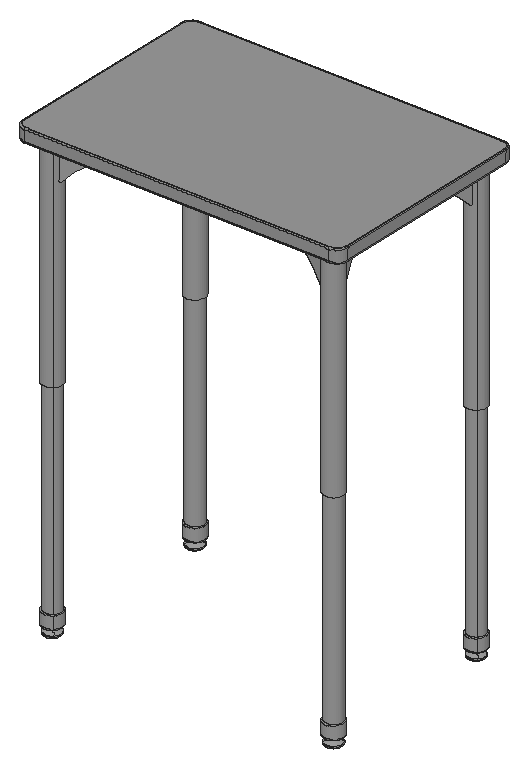
Revit family "Hierarchy Snap Rectangle Desk - Standing Height", category Furniture, Revit 2018
Family settings
  Work Plane-Based = No
  Always vertical = Yes
  Cut with Voids When Loaded = No
  Shared = No
  Room Calculation Point = No
Parameters
  Desk Height = 3' - 5"
  Surface = Hierarchy Snap Rectangle Desk Standing Surface
  Leg Finish = Hierarchy Leg Platinum
  Edgeband = Hierarchy Snap Rectangle Desk Standing Edgeband
  Caster/Glide = Hierarchy Standing Leg - Glide : Hierarchy Standing Leg - Glide
Reference planes (in)
  plane 1 "Center (Front/Back)": y = 0
  plane 2: z = 0
  plane 3 "Center (Left/Right)": x = 0
  plane 4 "Table Height": z = 41
Dimensions and locks (in)
  "Desk Height": plane 4 "Table Height" to level
  aligned and locked: plane 2 to level
  aligned and locked: nested 1 to plane 4 "Table Height"
Nested families (in)
  nested 1: "Snap Rectangle Tabletop" at (0, 0, 13.85825), type "Snap Rectangle Tabletop"
  nested 2: "Hierarchy Standing Leg - Glide" at (-13, 8.25, 0) x (0.7071, 0.7071, 0) z (0, 0, 1), type <- "Caster/Glide", Leg Finish <- "Leg Finish", Leg Height <- "Desk Height", type "Hierarchy Standing Leg - Glide"
  nested 3: "Hierarchy Standing Leg - Glide" at (13, 8.25, 0) x (-0.7071, 0.7071, 0) z (0, 0, 1), Leg Finish <- "Leg Finish", Leg Height <- "Desk Height", type "Hierarchy Standing Leg - Glide"
    with Leg Height 3' - 5", Leg Finish Hierarchy Leg Platinum
  nested 4: "Hierarchy Standing Leg - Glide" at (-13, -8.25, 0) x (0.7071, -0.7071, 0) z (0, 0, 1), type <- "Caster/Glide", Leg Finish <- "Leg Finish", Leg Height <- "Desk Height", type "Hierarchy Standing Leg - Glide"
    with Leg Height 3' - 5", Leg Finish Hierarchy Leg Platinum
  nested 5: "Hierarchy Standing Leg - Glide" at (13, -8.25, 0) x (-0.7071, -0.7071, 0) z (0, 0, 1), Leg Finish <- "Leg Finish", Leg Height <- "Desk Height", type "Hierarchy Standing Leg - Glide"
    with Leg Height 3' - 5", Leg Finish Hierarchy Leg Platinum
Definition of nested family "Snap Rectangle Tabletop"
  Parameters (values of type "Snap Rectangle Tabletop")
    Surface = none
    Edgeband = none
  Reference planes (in)
    plane 1 "Center (Front/Back)": y = 0
    plane 2: z = 0
    plane 3 "Center (Left/Right)": x = 0
  Forms (in)
    Extrusion 1, solid, material <- "Surface"
      sketch origin (0, 1.04902, 0) x (1, 0, 0) y (0, 1, 0)
        loop
          line (14.05799, 8.95098) -> (-14.05799, 8.95098)
          arc (-14.05799, 8.95098) -> (-14.65906, 8.70201) -> (-14.90803, 8.10093) r 0.85005
          line (-14.90803, 8.10093) -> (-14.90803, -10.19898)
          arc (-14.90803, -10.19898) -> (-14.65906, -10.80005) -> (-14.05799, -11.04902) r 0.85005
          line (-14.05799, -11.04902) -> (14.05799, -11.04902)
          arc (14.05799, -11.04902) -> (14.65906, -10.80005) -> (14.90803, -10.19898) r 0.85005
          line (14.90803, -10.19898) -> (14.90803, 8.10093)
          arc (14.90803, 8.10093) -> (14.65906, 8.70201) -> (14.05799, 8.95098) r 0.85005
      from 27.14175 to 28.39175
    Sweep 2, solid, material <- "Edgeband"
      path in 3D
        loop
          arc (-14.05799, 10, 28.39175) -> (-14.65906, 9.75103, 28.39175) -> (-14.90803, 9.14995, 28.39175) r 0.85005
          line (-14.90803, 9.14995, 28.39175) -> (-14.90803, -9.14995, 28.39175)
          arc (-14.90803, -9.14995, 28.39175) -> (-14.65906, -9.75103, 28.39175) -> (-14.05799, -10, 28.39175) r 0.85005
          line (-14.05799, -10, 28.39175) -> (14.05799, -10, 28.39175)
          arc (14.05799, -10, 28.39175) -> (14.65906, -9.75103, 28.39175) -> (14.90803, -9.14995, 28.39175) r 0.85005
          line (14.90803, -9.14995, 28.39175) -> (14.90803, 9.14995, 28.39175)
          arc (14.90803, 9.14995, 28.39175) -> (14.65906, 9.75103, 28.39175) -> (14.05799, 10, 28.39175) r 0.85005
          line (14.05799, 10, 28.39175) -> (-14.05799, 10, 28.39175)
      profile origin (0, 10, 28.39175) x (0, -1, 0) y (0, 0, 1)
        loop
          arc (0, 0) -> (-0.07921, -0.03281) -> (-0.11202, -0.11202) r 0.11202
          line (-0.11202, -0.11202) -> (-0.11202, -1.13798)
          arc (-0.11202, -1.13798) -> (-0.07921, -1.21719) -> (0, -1.25) r 0.11202
          line (0, -1.25) -> (0, 0)
  Lines and regions (in)
    sketch lines
      curve 1: line (14.05799, 10, 28.39175) -> (-14.05799, 10, 28.39175)
      curve 2: arc (-14.90803, 9.14995, 28.39175) -> (-14.65906, 9.75103, 28.39175) -> (-14.05799, 10, 28.39175) r 0.85005
      curve 3: line (-14.90803, 9.14995, 28.39175) -> (-14.90803, -9.14995, 28.39175)
      curve 4: arc (-14.05799, -10, 28.39175) -> (-14.65906, -9.75103, 28.39175) -> (-14.90803, -9.14995, 28.39175) r 0.85005
      curve 5: line (-14.05799, -10, 28.39175) -> (14.05799, -10, 28.39175)
      curve 6: arc (14.90803, -9.14995, 28.39175) -> (14.65906, -9.75103, 28.39175) -> (14.05799, -10, 28.39175) r 0.85005
      curve 7: line (14.90803, -9.14995, 28.39175) -> (14.90803, 9.14995, 28.39175)
      curve 8: arc (14.05799, 10, 28.39175) -> (14.65906, 9.75103, 28.39175) -> (14.90803, 9.14995, 28.39175) r 0.85005
  Dimensions and locks (in)
    aligned and locked: plane 2 to level
Definition of nested family "Hierarchy Standing Leg - Glide"
  Parameters (values of type "Hierarchy Standing Leg - Glide")
    Leg Finish [instance] = none
    Leg Height [instance] = 3' - 5"
  Reference planes (in)
    plane 1 "Center (Front/Back)": y = 0
    plane 2: z = 0
    plane 3 "Center (Left/Right)": x = 0
  Forms (in)
    Extrusion 1, solid
      sketch origin (-0.01562, 0, 0) x (1, 0, 0) y (0, 1, 0)
        loop
          circle (0.01563, 0) r 0.79147
      from 2 to 23.175
    Revolve 2, solid
      sketch origin (0, 0, 0) x (1, 0, 0) y (0, 0, 1)
        loop
          line (0, 2) -> (0, 0.74937) -> (0.84838, 0.74937)
          arc (0.84838, 0.74937) -> (0.89342, 0.76803) -> (0.91207, 0.81306) r 0.06369
          line (0.91207, 0.81306) -> (0.91207, 1.93631)
          arc (0.91207, 1.93631) -> (0.89342, 1.98134) -> (0.84838, 2) r 0.06369
          line (0.84838, 2) -> (0, 2)
        axis (0, 2) -> (0, 0.74937)
      angle from 0 to 360
    Revolve 3, solid
      sketch origin (0, 0, 0) x (1, 0, 0) y (0, 0, 1)
        loop
          line (0, 0.75) -> (0, 0) -> (0.74583, 0) -> (0.79147, 0.09013) -> (0.79147, 0.16241) -> (0.12474, 0.5) -> (0.12474, 0.75) -> (0, 0.75)
        axis (0, 0.75) -> (0, 0)
      angle from 0 to 360
  Dimensions and locks (in)
    "Leg Height": nested 1 to level
    aligned and locked: plane 2 to level
  Automatic sketch dimensions
    plane 1 "Center (Front/Back)" to Extrusion 1 sketch curve = 0' - 0"
    Extrusion 1 sketch curve to plane 3 "Center (Left/Right)" = 0' - 0"
    Revolve 2 sketch curve to plane 3 "Center (Left/Right)" = 0' - 0"  (x2)
    plane 3 "Center (Left/Right)" to Revolve 2 sketch curve = 0' - 0.84838"
    Revolve 2 sketch curve to Revolve 2 sketch curve = 0' - 0.84838"
    Revolve 2 sketch curve to Revolve 2 sketch curve = 0' - 0.06369"
    level to Revolve 2 sketch curve = 0' - 0.74937"
    Revolve 2 sketch curve to Revolve 2 sketch curve = 0' - 1.12324"
    Revolve 2 sketch curve to Revolve 2 sketch curve = 0' - 0.13731"
    Revolve 2 sketch curve to Revolve 2 sketch curve = 0' - 0 3/4"
    Revolve 3 sketch curve to plane 3 "Center (Left/Right)" = 0' - 0"  (x2)
    Revolve 3 sketch curve to level = 0' - 0"
    plane 3 "Center (Left/Right)" to Revolve 3 sketch curve = 0' - 0.12474"
    plane 3 "Center (Left/Right)" to Revolve 3 sketch curve = 0' - 0.74583"
    Revolve 3 sketch curve to Revolve 3 sketch curve = 0' - 0.04564"
    level to Revolve 3 sketch curve = 0' - 0.09013"
    Revolve 3 sketch curve to Revolve 3 sketch curve = 0' - 0.07228"
    level to Revolve 3 sketch curve = 0' - 0 1/2"
    Revolve 3 sketch curve to Revolve 3 sketch curve = 0' - 0 1/4"
    Revolve 3 sketch curve to level = 0' - 0 1/8"
    Revolve 3 sketch curve to Revolve 3 sketch curve = 0' - 0 1/8"
    radius of Extrusion 1 sketch curve = 0' - 0.79147"
  Nested families (in)
    nested 1: "Hierarchy Standing Upper Leg 2023" at (0, 0, 0.19983), Leg Finish <- "Leg Finish", type "Hierarchy Standing Upper Leg 2023"
      with Leg Finish none
  Definition of nested family "Hierarchy Standing Upper Leg 2023"
    Parameters (values of type "Hierarchy Standing Upper Leg 2023")
      Leg Finish [instance] = none
    Reference planes (in)
      plane 1 "Center (Front/Back)": y = 0
      plane 2: z = 0
      plane 3 "Center (Left/Right)": x = 0
    Forms (in)
      Extrusion 1, solid, material <- "Leg Finish"
        sketch origin (0, 0, 0) x (1, 0, 0) y (0, 1, 0)
          loop
            circle (0, 0) r 0.9129
        from 20.67418 to 40.67418
      Extrusion 2, solid, material <- "Leg Finish"
        sketch origin (0, 0, 12.998) x (1, 0, 0) y (0, 1, 0)
          loop
            line (-1.70174, 0.19183) -> (-3.96611, -4.49738)
            arc (-3.96611, -4.49738) -> (-3.91977, -5.33444) -> (-3.18615, -5.74016) r 0.86614
            line (-3.18615, -5.74016) -> (3.18615, -5.74016)
            arc (3.18615, -5.74016) -> (3.91977, -5.33444) -> (3.96611, -4.49738) r 0.86614
            line (3.96611, -4.49738) -> (1.70174, 0.19183)
            arc (1.70174, 0.19183) -> (0, 1.25984) -> (-1.70174, 0.19183) r 1.88976
        from 27.67618 to 27.80217
      Extrusion 3, solid, material <- "Leg Finish"
        sketch origin (12.41967, 1.58692, 0) x (0.434844, 0.900506, 0) y (0, 0, 1)
          loop
            arc (-12.68776, 40.67418) -> (-12.80559, 40.56418) -> (-12.70394, 40.43908) r 0.11811
            arc (-12.70394, 40.43908) -> (-9.98192, 39.53509) -> (-7.76426, 37.71614) r 7.87402
            arc (-7.76426, 37.71614) -> (-7.63344, 37.68136) -> (-7.55587, 37.79229) r 0.11811
            line (-7.55587, 37.79229) -> (-7.55587, 40.67418) -> (-12.68776, 40.67418)
        from -11.10976 to -10.98378
      Extrusion 4, solid, material <- "Leg Finish"
        sketch origin (-12.41967, 1.58692, 0) x (-0.434844, 0.900506, 0) y (0, 0, -1)
          loop
            line (-12.68776, -40.67418) -> (-7.55587, -40.67418) -> (-7.55587, -37.79229)
            arc (-7.55587, -37.79229) -> (-7.63344, -37.68136) -> (-7.76426, -37.71614) r 0.11811
            arc (-7.76426, -37.71614) -> (-9.98192, -39.53509) -> (-12.70394, -40.43908) r 7.87402
            arc (-12.70394, -40.43908) -> (-12.80559, -40.56418) -> (-12.68776, -40.67418) r 0.11811
        from -11.10976 to -10.98378
    Dimensions and locks (in)
      aligned and locked: plane 2 to level
